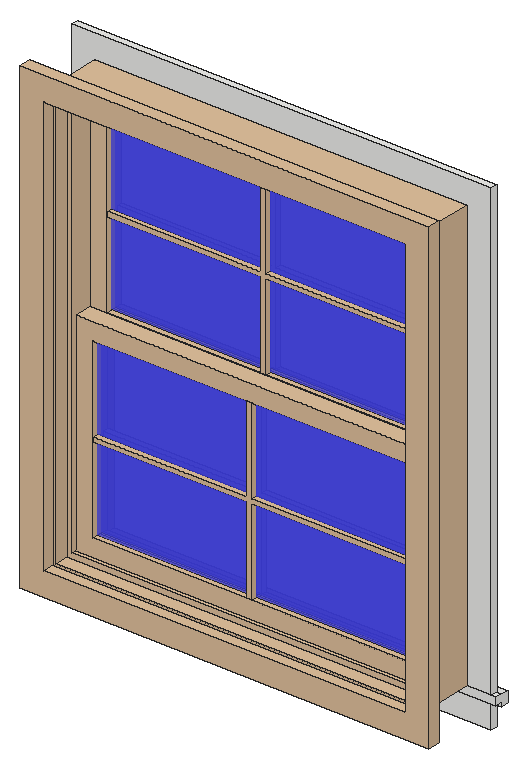
Revit family "M_Janela-Dupla-Suspensa", category Janelas, Revit 2019
Family settings
  Hospedeiro = Parede
  Número OmniClass = 23.30.20.17.17.14
  Título OmniClass = Double-Hung Windows
  Sempre na vertical = Sim
  Corte com vazios quando carregada = Não
  Compartilhado = Não
  Ponto de cálculo do ambiente = Não
Parameters (values of type "950 x 1100mm")
  Espessura da parede [instance] = 150 mm
  Janela aplicada [instance] = 0 mm
  Visual Light Transmittance = 0.81
  Visibilidade do montante superior = yes
  Resistência térmica (R) = 0.319569 (m²·K)/W
  Solar Heat Gain Coefficient = 0.76
  Largura do montante = Largura - 152.4 mm  # 797.6 mm
  Padrão do montante = M_Padrão do montante_2x2 : M_Padrão do montante_2x2
  Altura do montante = 0.5 * (Altura - 152.4 mm - 44.45 mm)  # 451.575 mm
  Fechamento da parede interior [instance] = 35.7 mm
  Material da apara interior = Madeira – Manchada
  Recorte interior = M_Moldura-janela-interior-plana : Quadro
  Largura bruta = Largura + 15 mm  # 965 mm
  Altura bruta = Altura + 15 mm  # 1115 mm
  Visibilidade do indicador [instance] = yes
  Extensão do quadro [instance] = if(Visibilidade da apara externa, Janela aplicada + 31.75 mm, 31.75 mm)  # 31.75 mm
  Classificação de incêndio = "0.5h"
  Fechamento da parede externa [instance] = 12.7 mm
  Material da apara externa = Revestimento – Branco
  Visibilidade do umbral da extensão [instance] = and(Visibilidade do recorte interior, Espessura da parede - Janela aplicada > 114.3 mm)  # yes
  Visibilidade do recorte interior [instance] = yes
  Visibilidade da apara externa [instance] = yes
  Apara externa = M_Recorte-Janela-Exterior-Plana : com peitoril
  Umbral da extensão [instance] = if(Espessura da parede - Janela aplicada > 114.3 mm, Espessura da parede - Janela aplicada - 114.3 mm, 25.4 mm)  # 35.7 mm
  ID do tipo de construção = "DG-DR"
  Coeficiente de transferência de calor (U) = 3.12929 W/(m²·K)
  Visibilidade do montante inferior = yes
  Código de montagem = "B2020100"
  Material do painel de vidro = Vidro
  Altura = 1100 mm
  Material da moldura exterior = Revestimento – Branco
  Material da moldura interior = Madeira – Manchada
  Fechamento da parede = Por hospedeiro
  Largura = 950 mm
  Construção analítica = "Vidraça dupla – residencial"
Reference planes
  plane 1 "Centro (Frente/Trás)": y = 0
  plane 2: z = 0
  plane 3 "Centro": x = 0
  plane 4 "Esquerda": x = -475
  plane 5 "Direita": x = 475
  plane 6 "Peitoril": z = 914.4
  plane 7 "Superior": z = 2014.4
  plane 8 "Face da parede": y = 75
  plane 9: y = -75
  plane 10 "Meio": z = 1464.4
  plane 11: z = 1982.65
  plane 12: z = 946.15
  plane 13: x = 443.25
  plane 14: x = -443.25
  plane 15: x = 398.8
  plane 16: x = -398.8
  plane 17: z = 990.6
  plane 18: z = 1938.2
  plane 19 "Fechamento da parede": y = -39.3
  plane 20: z = 1998.525
  plane 21 "Face do quadro": y = 94.05
  plane 22 "Caixilho 2": y = -26.6
  plane 23 "Face do caixilho 1": y = 62.3
  plane 24 "Inset Face": y = 75
  plane 25 "Caixilho 1": y = 17.85
  plane 26 "Vidro 1": y = 40.075
  plane 27: z = 1486.625
  plane 28: z = 1442.175
  plane 29 "Vidro 2": y = -4.375
  plane 30: y = -39.3
  plane 31: z = 1216.387
  plane 32: z = 1712.412
  plane 33: y = -39.3
  plane 34: y = 62.3
  plane 35: y = 94.05
Forms (mm)
  Extrusion 1, solid, material "Madeira – Manchada" <- "Material da moldura interior", visible <- "Visibilidade do umbral da extensão"
    sketch origin (0, -6.35, 0) x (-1, 0, 0) y (0, 0, 1)
      loop
        line (475, 2014.4) -> (-475, 2014.4) -> (-475, 914.4) -> (475, 914.4) -> (475, 2014.4)
      loop
        line (455.95, 1995.35) -> (-455.95, 1995.35) -> (-455.95, 933.45) -> (455.95, 933.45) -> (455.95, 1995.35)
    from -68.65 to -32.95
  Sweep 2, solid, material "Madeira – Manchada" <- "Material da moldura interior"
    path origin (0, 62.3, 0) x (-1, 0, 0) y (0, 0, 1)
      loop
        line (-475, 914.4) -> (475, 914.4) -> (475, 2014.4) -> (-475, 2014.4) -> (-475, 914.4)
    profile origin (475, 62.3, 1464.4) x (1, 0, 0) y (0, 1, 0)
      loop
        line (-31.75, 31.75) -> (-31.75, -101.6) -> (0, -101.6) -> (0, 31.75) -> (-31.75, 31.75)
  Sweep 3, solid, material "Madeira – Manchada" <- "Material da moldura interior"
    path origin (0, 62.3, 0) x (-1, 0, 0) y (0, 0, 1)
      loop
        line (-443.25, 1442.175) -> (443.25, 1442.175) -> (443.25, 1982.65) -> (-443.25, 1982.65) -> (-443.25, 1442.175)
    profile origin (443.25, 62.3, 1712.412) x (1, 0, 0) y (0, 1, 0)
      loop
        line (0, 0) -> (-44.45, 0) -> (-44.45, -44.45) -> (0, -44.45) -> (0, 0)
  Sweep 4, solid, material "Madeira – Manchada" <- "Material da moldura interior"
    path origin (0, 17.85, 0) x (-1, 0, 0) y (0, 0, 1)
      loop
        line (-443.25, 946.15) -> (443.25, 946.15) -> (443.25, 1486.625) -> (-443.25, 1486.625) -> (-443.25, 946.15)
    profile origin (443.25, 17.85, 1216.387) x (1, 0, 0) y (0, 1, 0)
      loop
        line (0, 0) -> (-44.45, 0) -> (-44.45, -44.45) -> (0, -44.45) -> (0, 0)
  Extrusion 5, solid, material "Vidro" <- "Material do painel de vidro"
    sketch origin (0, 0, 914.4) x (0, -1, 0) y (1, 0, 0)
      loop
        line (-49.6, -398.8) -> (-43.25, -398.8) -> (-43.25, 398.8) -> (-49.6, 398.8) -> (-49.6, -398.8)
      loop
        line (-36.9, 398.8) -> (-36.9, -398.8) -> (-30.55, -398.8) -> (-30.55, 398.8) -> (-36.9, 398.8)
    from 572.225 to 1023.8
  Extrusion 6, solid, material "Vidro" <- "Material do painel de vidro"
    sketch origin (0, 0, 0) x (1, 0, 0) y (0, 1, 0)
      loop
        line (-398.8, 5.15) -> (-398.8, -1.2) -> (398.8, -1.2) -> (398.8, 5.15) -> (-398.8, 5.15)
      loop
        line (398.8, -7.55) -> (-398.8, -7.55) -> (-398.8, -13.9) -> (398.8, -13.9) -> (398.8, -7.55)
    from 990.6 to 1442.175
Lines and regions (mm)
  Opening 1
    outline origin (-1524, -75, 0) x (1, 0, 0) y (0, 0, 1)
      loop
        line (1999, 2014.4) -> (1049, 2014.4) -> (1049, 914.4) -> (1999, 914.4) -> (1999, 2014.4)
  Split face 1
    outline origin (-398.8, -26.6, 990.6) x (1, 0, 0) y (0, 1, 0)
      loop
        line (0, 25.4) -> (797.6, 25.4)
  Split face 2
    outline origin (398.8, -26.6, 990.6) x (0, 0, 1) y (0, 1, 0)
      loop
        line (0, 25.4) -> (451.575, 25.4)
  Split face 3
    outline origin (-398.8, -26.6, 1442.175) x (0, 0, -1) y (0, 1, 0)
      loop
        line (451.575, 25.4) -> (0, 25.4)
  Split face 4
    outline origin (398.8, -26.6, 1442.175) x (0, 1, 0) y (-1, 0, 0)
      loop
        line (25.4, 0) -> (25.4, 797.6)
  Split face 5
    outline origin (-398.8, 17.85, 1486.625) x (1, 0, 0) y (0, 1, 0)
      loop
        line (797.6, 19.05) -> (0, 19.05)
  Split face 6
    outline origin (-398.8, 17.85, 1486.625) x (1, 0, 0) y (0, 1, 0)
      loop
        line (797.6, 25.4) -> (0, 25.4)
  Split face 7
    outline origin (398.8, 17.85, 1486.625) x (0, 0, 1) y (0, 1, 0)
      loop
        line (0, 25.4) -> (451.575, 25.4)
  Split face 8
    outline origin (-398.8, 17.85, 1938.2) x (0, 0, -1) y (0, 1, 0)
      loop
        line (451.575, 25.4) -> (0, 25.4)
  Split face 9
    outline origin (398.8, 17.85, 1938.2) x (0, 1, 0) y (-1, 0, 0)
      loop
        line (25.4, 0) -> (25.4, 797.6)
  Split face 10
    outline origin (-443.25, -39.3, 946.15) x (1, 0, 0) y (0, 1, 0)
      loop
        line (0, 57.15) -> (886.5, 57.15)
  Split face 11
    outline origin (443.25, -39.3, 946.15) x (0, 0, 1) y (0, 1, 0)
      loop
        line (1036.5, 101.6) -> (496.025, 101.6) -> (496.025, 57.15) -> (0, 57.15)
  Split face 12
    outline origin (-443.25, -39.3, 1982.65) x (0, 0, -1) y (0, 1, 0)
      loop
        line (0, 101.6) -> (540.475, 101.6) -> (540.475, 57.15) -> (1036.5, 57.15)
  Split face 13
    outline origin (443.25, -39.3, 1982.65) x (0, 1, 0) y (-1, 0, 0)
      loop
        line (101.6, 0) -> (101.6, 886.5)
Text (mm)
  text "EXTERIOR" at (-1490.695, 772.553, 0), in view "Nível de referência"
  text "INTERIOR" at (-1490.695, -719.509, 0), in view "Nível de referência"
  text "Exterior" at (0, 1108.87, 3415.022), in view "Esquerda"
  text "Exterior" at (0, 464.664, 3176.206), in view "Direita"
Dimensions and locks
  equal spacing: plane 4 "Esquerda", plane 3 "Centro", plane 5 "Direita"
  "Largura": plane 4 "Esquerda" to plane 5 "Direita"
  equal spacing: plane 6 "Peitoril", plane 10 "Meio", plane 7 "Superior"
  "Altura": plane 7 "Superior" to plane 6 "Peitoril"
  locked: plane 5 "Direita" to plane 13 at 31.75
  locked: plane 14 to plane 4 "Esquerda" at 31.75
  locked: plane 11 to plane 7 "Superior" at 31.75
  locked: plane 6 "Peitoril" to plane 12 at 31.75
  locked: plane 15 to plane 13 at 44.45
  locked: plane 14 to plane 16 at 44.45
  locked: plane 18 to plane 11 at 44.45
  locked: plane 12 to plane 17 at 44.45
  "Espessura da parede": host wall to host wall
  locked: plane 7 "Superior" to plane 20 at 15.875
  locked: plane 21 "Face do quadro" to plane 8 "Face da parede" at 19.05
  locked: plane 24 "Inset Face" to plane 23 "Face do caixilho 1" at 12.7
  "Janela aplicada": plane 8 "Face da parede" to plane 24 "Inset Face"
  locked: plane 23 "Face do caixilho 1" to plane 25 "Caixilho 1" at 44.45
  locked: plane 25 "Caixilho 1" to plane 22 "Caixilho 2" at 44.45
  equal spacing: plane 23 "Face do caixilho 1", plane 26 "Vidro 1", plane 25 "Caixilho 1"
  equal spacing: plane 28, plane 10 "Meio", plane 27
  locked: plane 28 to plane 27 at 44.45
  locked: Extrusion 5 sketch curve to Extrusion 5 sketch curve at 6.35  (x3)
  equal spacing: Extrusion 5 sketch curve, plane 26 "Vidro 1", Extrusion 5 sketch curve
  equal spacing: plane 25 "Caixilho 1", plane 29 "Vidro 2", plane 22 "Caixilho 2"
  locked: Extrusion 6 sketch curve to Extrusion 6 sketch curve at 6.35  (x3)
  equal spacing: Extrusion 6 sketch curve, plane 29 "Vidro 2", Extrusion 6 sketch curve
  locked: plane 22 "Caixilho 2" to plane 30 at 12.7
  "Umbral da extensão": plane 19 "Fechamento da parede" to host wall
  locked: Extrusion 1 sketch curve to plane 5 "Direita" at 19.05
  locked: Extrusion 1 sketch curve to plane 7 "Superior" at 19.05
  locked: plane 4 "Esquerda" to Extrusion 1 sketch curve at 19.05
  locked: plane 6 "Peitoril" to Extrusion 1 sketch curve at 19.05
  equal spacing: plane 27, plane 32, plane 18
  equal spacing: plane 17, plane 31, plane 28
  nested 2 to Extrusion 1 = 57.15 mm
  "Fechamento da parede interior": plane 33 to plane 9
  "Fechamento da parede externa": plane 8 "Face da parede" to plane 34
  "Extensão do quadro": plane 35 to plane 23 "Face do caixilho 1"
  aligned and locked: plane 9 to host wall
  aligned and locked: host wall to plane 8 "Face da parede"
  aligned and locked: Opening 1 sketch curve to plane 4 "Esquerda"
  aligned and locked: plane 7 "Superior" to Opening 1 sketch curve
  aligned and locked: plane 5 "Direita" to Opening 1 sketch curve
  aligned and locked: Opening 1 sketch curve to plane 6 "Peitoril"
  aligned and locked: plane 7 "Superior" to Extrusion 1 sketch curve
  aligned and locked: Extrusion 1 sketch curve to plane 4 "Esquerda"
  aligned and locked: plane 5 "Direita" to Extrusion 1 sketch curve
  aligned and locked: Extrusion 1 sketch curve to plane 6 "Peitoril"
  aligned and locked: plane 19 "Fechamento da parede" to Extrusion 1
  aligned and locked: Sweep 2 sketch curve to host wall  (x3)
  aligned and locked: plane 5 "Direita" to Sweep 2 sketch curve
  aligned and locked: plane 13 to Sweep 2 sketch curve
  aligned and locked: Sweep 3 sketch curve to plane 13
  aligned and locked: plane 14 to Sweep 3 sketch curve
  aligned and locked: Sweep 3 sketch curve to plane 11
  aligned and locked: Sweep 3 sketch curve to plane 25 "Caixilho 1"
  aligned and locked: plane 28 to Sweep 3 sketch curve
  aligned and locked: Sweep 4 sketch curve to plane 27
  aligned and locked: Sweep 4 sketch curve to plane 13
  aligned and locked: plane 14 to Sweep 4 sketch curve
  aligned and locked: plane 12 to Sweep 4 sketch curve
  aligned and locked: profile plane to Sweep 4 sketch curve
  aligned and locked: Sweep 4 sketch curve to profile plane
  aligned and locked: Sweep 4 sketch curve to plane 22 "Caixilho 2"
  aligned and locked: plane 15 to Sweep 4 sketch curve
  aligned and locked: plane 18 to Extrusion 5
  aligned and locked: Extrusion 6 sketch curve to plane 16
  aligned and locked: plane 16 to Extrusion 6 sketch curve
  aligned and locked: plane 15 to Extrusion 6 sketch curve
  aligned and locked: Extrusion 6 sketch curve to plane 15
  aligned and locked: plane 17 to Extrusion 6
  aligned and locked: plane 28 to Extrusion 6
  aligned and locked: Split face 1 sketch curve to Extrusion 6
  aligned and locked: Split face 2 sketch curve to Extrusion 6
  aligned and locked: Split face 3 sketch curve to Extrusion 6
  aligned and locked: Split face 4 sketch curve to Extrusion 6
  aligned and locked: plane 15 to Sweep 3 sketch curve
  aligned and locked: Extrusion 5 to plane 27
  aligned and locked: Extrusion 5 sketch curve to plane 16
  aligned and locked: plane 16 to Extrusion 5 sketch curve
  aligned and locked: plane 15 to Extrusion 5 sketch curve
  aligned and locked: Extrusion 5 sketch curve to plane 15
  aligned and locked: Split face 6 sketch curve to Extrusion 5
  aligned and locked: Split face 7 sketch curve to Extrusion 5
  aligned and locked: Split face 8 sketch curve to Extrusion 5
  aligned and locked: Split face 9 sketch curve to Extrusion 5
  aligned and locked: Split face 10 sketch curve to plane 25 "Caixilho 1"
  aligned and locked: plane 30 to Sweep 2 sketch curve
  aligned and locked: Extrusion 1 to plane 9
  aligned and locked: plane 25 "Caixilho 1" to Split face 11 sketch curve
  aligned and locked: Split face 11 sketch curve to plane 28
  aligned and locked: plane 23 "Face do caixilho 1" to Split face 11 sketch curve
  aligned and locked: Split face 12 sketch curve to plane 25 "Caixilho 1"
  aligned and locked: plane 28 to Split face 12 sketch curve
  aligned and locked: Split face 12 sketch curve to plane 23 "Face do caixilho 1"
  aligned and locked: plane 23 "Face do caixilho 1" to Split face 13 sketch curve
  aligned and locked: nested 3 to plane 8 "Face da parede"
  aligned and locked: plane 3 "Centro" to nested 3
  aligned and locked: plane 31 to nested 4
  aligned and locked: plane 32 to nested 5
  aligned and locked: nested 3 to plane 7 "Superior"
  aligned and locked: plane 27 to nested 1
  aligned and locked: nested 2 to plane 17
  aligned and locked: plane 3 "Centro" to nested 5
  aligned and locked: nested 4 to plane 3 "Centro"
  aligned and locked: nested 2 to plane 29 "Vidro 2"
  aligned and locked: nested 1 to plane 26 "Vidro 1"
  aligned and locked: plane 28 to nested 2
  aligned and locked: plane 18 to nested 1
  aligned and locked: nested 1 to plane 16
  aligned and locked: nested 1 to plane 15
  aligned and locked: nested 2 to plane 15
  aligned and locked: nested 2 to plane 16
  aligned and locked: plane 7 "Superior" to nested 7
  aligned and locked: plane 3 "Centro" to nested 7
  aligned and locked: plane 7 "Superior" to nested 6
  aligned and locked: nested 6 to plane 3 "Centro"
  aligned and locked: Sweep 2 sketch curve to plane 35
Automatic sketch dimensions
  Split face 1 sketch curve to Sweep 4 = 0 mm  (x2)
  Split face 2 sketch curve to Sweep 4 = 0 mm
  Sweep 4 to Split face 2 sketch curve = 0 mm
  Sweep 4 to Split face 3 sketch curve = 0 mm
  Split face 3 sketch curve to Sweep 4 = 0 mm
  Split face 4 sketch curve to Sweep 4 = 0 mm  (x2)
  Sweep 3 sketch curve to profile plane = 0 mm
  Sweep 3 sketch curve to plane 23 "Face do caixilho 1" = 0 mm
  Split face 5 sketch curve to Sweep 3 = 0 mm  (x2)
  Split face 5 sketch curve to Sweep 3 = 19.05 mm
  Split face 6 sketch curve to Sweep 3 = 0 mm  (x2)
  Split face 7 sketch curve to Sweep 3 = 0 mm
  Sweep 3 to Split face 7 sketch curve = 0 mm
  Sweep 3 to Split face 8 sketch curve = 0 mm
  Split face 8 sketch curve to Sweep 3 = 0 mm
  Split face 9 sketch curve to Sweep 3 = 0 mm  (x2)
  Split face 10 sketch curve to Sweep 2 = 0 mm  (x2)
  Split face 11 sketch curve to Sweep 2 = 0 mm
  Sweep 2 to Split face 11 sketch curve = 0 mm
  Sweep 2 to Split face 12 sketch curve = 0 mm
  Split face 12 sketch curve to Sweep 2 = 0 mm
  Split face 13 sketch curve to Sweep 2 = 0 mm  (x2)
  Sweep 2 sketch curve to plane 7 "Superior" = 0 mm
Nested families
  nested 1: "M_Padrão do montante_2x2" at (0, 40.075, 1486.625), Material externo <- "Material da moldura exterior", Material interior <- "Material da moldura interior", type <- "Padrão do montante", visible <- "Visibilidade do montante superior", type "M_Padrão do montante_2x2"
    with Largura 797.6 mm, Material interior Madeira – Manchada, Altura 451.575 mm, Material externo Revestimento – Branco
  nested 2: "M_Padrão do montante_2x2" at (0, -4.375, 990.6), Material externo <- "Material da moldura exterior", Material interior <- "Material da moldura interior", type <- "Padrão do montante", visible <- "Visibilidade do montante inferior", type "M_Padrão do montante_2x2"
    with Largura 797.6 mm, Material interior Madeira – Manchada, Altura 451.575 mm, Material externo Revestimento – Branco
  nested 3: "M_Plano-Duplo-Suspenso" at (0, 75, 914.4), Janela aplicada <- "Janela aplicada", Largura <- "Largura", Espessura da parede <- "Espessura da parede", Altura <- "Altura", type "M_Plano-Duplo-Suspenso"
    with Janela aplicada de 3D 12.7 mm, Janela aplicada 0 mm, Largura 950 mm, Espessura da parede 150 mm, Altura 1100 mm
  nested 4: "M_Seta preenchida" at (0, 17.85, 1216.387) x (0, 0, 1) z (0, 1, 0), visible <- "Visibilidade do indicador", type "M_Seta preenchida"
  nested 5: "M_Seta preenchida" at (0, 17.85, 1712.412) x (0, 0, -1) z (0, 1, 0), visible <- "Visibilidade do indicador", type "M_Seta preenchida"
  nested 6: "M_Recorte-Janela-Exterior-Plana" at (0, 75, 2014.4) x (-1, 0, 0) z (0, 1, 0), visible <- "Visibilidade da apara externa", Material da apara <- "Material da apara externa", Largura da abertura <- "Largura", Altura da abertura <- "Altura", type <- "Apara externa", type "com peitoril"
    with Material da apara Revestimento – Branco, Largura da abertura 950 mm, Altura da abertura 1100 mm
  nested 7: "M_Moldura-janela-interior-plana" at (0, -75, 2014.4) x (1, 0, 0) z (0, -1, 0), visible <- "Visibilidade do recorte interior", Material da apara <- "Material da apara interior", Largura da abertura <- "Largura", Altura da abertura <- "Altura", type <- "Recorte interior", type "Quadro"
    with Material da apara Madeira – Manchada, Largura da abertura 950 mm, Altura da abertura 1100 mm
Definition of nested family "M_Padrão do montante_2x2"
  Parameters (values of type "M_Padrão do montante_2x2")
    Largura [instance] = 1200 mm
    Espessura = 12.7 mm
    Altura [instance] = 1200 mm
    Material interior [instance] = none
    Material externo [instance] = none
    Distância = 19.05 mm
  Reference planes
    plane 1 "Centro (Frente/Trás)": y = 0
    plane 2: z = 0
    plane 3 "Centro (Esquerda/Direita)": x = 0
    plane 4: z = 1200
    plane 5: x = -600
    plane 6: x = 600
    plane 7: z = 600
    plane 8: y = 9.525
    plane 9: y = 22.225
    plane 10: y = -9.525
    plane 11: y = -22.225
  Forms (mm)
    Extrusion 1, solid, material <- "Material interior", detail levels fine
      sketch origin (0, 0, 0) x (1, 0, 0) y (0, 0, 1)
        loop
          line (-600, 606.35) -> (-600, 593.65) -> (-6.35, 593.65) -> (-6.35, 0) -> (6.35, 0) -> (6.35, 593.65) -> (600, 593.65) -> (600, 606.35) -> (6.35, 606.35) -> (6.35, 1200) -> (-6.35, 1200) -> (-6.35, 606.35) -> (-600, 606.35)
      from 9.525 to 22.225
    Extrusion 2, solid, material <- "Material externo", detail levels fine
      sketch origin (0, 0, 0) x (1, 0, 0) y (0, 0, -1)
        loop
          line (-600, -606.35) -> (-6.35, -606.35) -> (-6.35, -1200) -> (6.35, -1200) -> (6.35, -606.35) -> (600, -606.35) -> (600, -593.65) -> (6.35, -593.65) -> (6.35, 0) -> (-6.35, 0) -> (-6.35, -593.65) -> (-600, -593.65) -> (-600, -606.35)
      from 9.525 to 22.225
  Lines and regions (mm)
    model lines, detail levels medium
      curve 1: line (0, 9.525, 1200) -> (0, 9.525, 0)
      curve 2: line (-600, -9.525, 600) -> (600, -9.525, 600)
      curve 3: line (-600, 9.525, 600) -> (600, 9.525, 600)
      curve 4: line (0, -9.525, 1200) -> (0, -9.525, 0)
  Dimensions and locks
    equal spacing: plane 6, plane 3 "Centro (Esquerda/Direita)", plane 5
    "Largura": plane 6 to plane 5
    "Altura": plane 4 to plane 2
    equal spacing: plane 4, plane 7, plane 2
    locked: plane 3 "Centro (Esquerda/Direita)" to Extrusion 1 sketch curve at 6.35  (x4)
    locked: Extrusion 1 sketch curve to plane 7 at 6.35  (x2)
    locked: plane 7 to Extrusion 1 sketch curve at 6.35  (x2)
    "Espessura": plane 9 to plane 8
    "Espessura": plane 10 to plane 11
    "Distância": plane 8 to plane 10
    equal spacing: plane 8, plane 1 "Centro (Frente/Trás)", plane 10
    aligned and locked: plane 2 to level
    aligned and locked: plane 4 to curve 1
    aligned and locked: plane 5 to curve 2
    aligned and locked: plane 2 to curve 1
    aligned and locked: plane 6 to curve 2
    aligned and locked: Extrusion 1 sketch curve to plane 4
    aligned and locked: Extrusion 1 sketch curve to plane 6
    aligned and locked: Extrusion 1 sketch curve to plane 5
    aligned and locked: Extrusion 1 sketch curve to level
    aligned and locked: Extrusion 1 to plane 11
    aligned and locked: plane 10 to Extrusion 1
    aligned and locked: Extrusion 2 to plane 5
    aligned and locked: plane 6 to Extrusion 2
    aligned and locked: Extrusion 2 to plane 8
    aligned and locked: plane 9 to Extrusion 2
    aligned and locked: Extrusion 2 to plane 2
    aligned and locked: plane 4 to Extrusion 2
    aligned and locked: plane 5 to curve 3
    aligned and locked: plane 6 to curve 3
    aligned and locked: plane 4 to curve 4
    aligned and locked: plane 2 to curve 4
    aligned and locked: plane 8 to curve 3
  Automatic sketch dimensions
    curve 2 to plane 7 = 0 mm
    Extrusion 2 sketch curve to plane 5 = 0 mm
    Extrusion 2 sketch curve to level = 0 mm
    Extrusion 2 sketch curve to plane 4 = 0 mm
    Extrusion 2 sketch curve to plane 6 = 0 mm
    Extrusion 2 sketch curve to plane 3 "Centro (Esquerda/Direita)" = 6.35 mm  (x2)
    plane 3 "Centro (Esquerda/Direita)" to Extrusion 2 sketch curve = 6.35 mm  (x2)
    plane 7 to Extrusion 2 sketch curve = 6.35 mm  (x2)
    Extrusion 2 sketch curve to plane 7 = 6.35 mm  (x2)
    curve 4 to plane 3 "Centro (Esquerda/Direita)" = 0 mm
    curve 4 to level = 0 mm
    curve 4 to plane 4 = 0 mm
    curve 3 to plane 6 = 0 mm
    curve 1 to plane 3 "Centro (Esquerda/Direita)" = 0 mm
    curve 3 to plane 5 = 0 mm
    curve 3 to plane 7 = 0 mm
Definition of nested family "M_Recorte-Janela-Exterior-Plana"
  Parameters (values of type "com peitoril")
    Largura da apara = 60 mm
    Espessura da apara_Quadro = 30 mm
    Espessura da apara_com peitoril = 19.05 mm
    Material da apara [instance] = none
    Espessura do peitoril = 30 mm
    Peitoril = yes
    Quadro = no
    Largura da abertura [instance] = 600 mm
    Altura da abertura [instance] = 900 mm
    Default Elevation = 1200 mm
  Types (2, lengths in mm): name | Peitoril | Quadro
    com peitoril | yes | no
    Quadro | no | yes
  Reference planes
    plane 1 "Centro (Frente/Trás)": y = 0
    plane 2: z = 0
    plane 3 "Centro (Esquerda/Direita)": x = 0
    plane 4: y = 60
    plane 5 "Esquerda": x = -300
    plane 6 "Direita": x = 300
    plane 7 "Inferior": y = -900
    plane 8: y = -930
    plane 9: y = -980.432
    plane 10: x = 360
    plane 11: x = -360
    plane 12: z = 19.05
    plane 13: z = 30
    plane 14: x = 372.7
    plane 15: x = -372.7
    plane 16: y = -920.432
    plane 17: y = -960
    plane 18: z = 12.7
    plane 19: y = -450
    plane 20: z = 38.1
  Forms (mm)
    Extrusion 1, solid
      sketch origin (0, 0, 0) x (1, 0, 0) y (0, 1, 0)
        loop
          line (-361.95, 57.15) -> (-361.95, -993.732) -> (361.95, -993.732) -> (361.95, 57.15) -> (-361.95, 57.15)
      from 0 to -304.8
    Extrusion 2, solid, material <- "Material da apara", visible <- "Peitoril"
      sketch origin (0, 0, 0) x (1, 0, 0) y (0, 1, 0)
        loop
          line (-360, -900) -> (-300, -900) -> (-300, 0) -> (300, 0) -> (300, -900) -> (360, -900) -> (360, 60) -> (-360, 60) -> (-360, -900)
      from 0 to 19.05
    Extrusion 3, solid, material <- "Material da apara", visible <- "Peitoril"
      sketch origin (0, 0, 0) x (0, 1, 0) y (0, 0, 1)
        loop
          line (-902.458, 38.1) -> (-930, 38.1) -> (-930, 19.05) -> (-920.432, 19.05) -> (-920.432, 0) -> (-900, 0) -> (-900, 19.05) -> (-902.458, 38.1)
      from -372.7 to 372.7
    Extrusion 4, solid, material <- "Material da apara", visible <- "Peitoril"
      sketch origin (0, 0, 0) x (1, 0, 0) y (0, 1, 0)
        loop
          line (-360, -920.432) -> (-360, -980.432) -> (360, -980.432) -> (360, -920.432) -> (-360, -920.432)
      from 0 to 19.05
    Extrusion 5, solid, material <- "Material da apara", visible <- "Quadro"
      sketch origin (0, 0, 0) x (1, 0, 0) y (0, 1, 0)
        loop
          line (-300, 0) -> (-300, -900) -> (300, -900) -> (300, 0) -> (-300, 0)
        loop
          line (-360, 60) -> (-360, -960) -> (360, -960) -> (360, 60) -> (-360, 60)
      from 0 to 30
  Dimensions and locks
    equal spacing: plane 5 "Esquerda", plane 3 "Centro (Esquerda/Direita)", plane 6 "Direita"
    "Largura da abertura": plane 5 "Esquerda" to plane 6 "Direita"
    "Altura da abertura": plane 7 "Inferior" to plane 1 "Centro (Frente/Trás)"
    "Espessura do peitoril": plane 7 "Inferior" to plane 8
    "Largura da apara": plane 11 to plane 5 "Esquerda"
    "Largura da apara": plane 6 "Direita" to plane 10
    "Largura da apara": plane 1 "Centro (Frente/Trás)" to plane 4
    locked: plane 15 to plane 11 at 12.7
    locked: plane 10 to plane 14 at 12.7
    locked: plane 16 to plane 8 at 9.568
    "Largura da apara": plane 9 to plane 16
    "Largura da apara": plane 17 to plane 7 "Inferior"
    locked: plane 18 to plane 2 at 12.7
    equal spacing: plane 7 "Inferior", plane 19, plane 1 "Centro (Frente/Trás)"
    locked: plane 20 to plane 12 at 19.05
    "Espessura da apara_com peitoril": plane 12 to plane 2
    "Espessura da apara_Quadro": plane 13 to plane 2
    aligned and locked: plane 2 to Extrusion 1
    aligned and locked: level to Extrusion 1
    aligned and locked: Extrusion 2 sketch curve to plane 5 "Esquerda"
    aligned and locked: Extrusion 2 sketch curve to plane 11
    aligned and locked: plane 7 "Inferior" to Extrusion 2 sketch curve  (x2)
    aligned and locked: plane 1 "Centro (Frente/Trás)" to Extrusion 2 sketch curve
    aligned and locked: plane 10 to Extrusion 2 sketch curve
    aligned and locked: Extrusion 2 sketch curve to plane 6 "Direita"
    aligned and locked: plane 12 to Extrusion 2
    aligned and locked: Extrusion 3 sketch curve to level
    aligned and locked: plane 7 "Inferior" to Extrusion 3 sketch curve
    aligned and locked: Extrusion 3 sketch curve to plane 8
    aligned and locked: plane 15 to Extrusion 3
    aligned and locked: Extrusion 3 to plane 14
    aligned and locked: plane 10 to Extrusion 4 sketch curve
    aligned and locked: Extrusion 4 sketch curve to plane 11
    aligned and locked: plane 16 to Extrusion 4 sketch curve
    aligned and locked: plane 9 to Extrusion 4 sketch curve
    aligned and locked: Extrusion 4 to Extrusion 2
    aligned and locked: Extrusion 2 sketch curve to plane 4
    aligned and locked: plane 1 "Centro (Frente/Trás)" to Extrusion 5 sketch curve
    aligned and locked: Extrusion 5 sketch curve to plane 4
    aligned and locked: Extrusion 5 sketch curve to plane 17
    aligned and locked: plane 7 "Inferior" to Extrusion 5 sketch curve
    aligned and locked: Extrusion 5 sketch curve to plane 6 "Direita"
    aligned and locked: plane 10 to Extrusion 5 sketch curve
    aligned and locked: Extrusion 5 sketch curve to plane 5 "Esquerda"
    aligned and locked: Extrusion 5 sketch curve to plane 11
    aligned and locked: plane 13 to Extrusion 5
    aligned and locked: plane 20 to Extrusion 3
  Automatic sketch dimensions
    Extrusion 1 sketch curve to Extrusion 1 sketch curve = 723.9 mm
    Extrusion 1 sketch curve to Extrusion 1 sketch curve = 1050.882 mm
    Extrusion 3 sketch curve to plane 16 = 0 mm
    Extrusion 3 sketch curve to plane 12 = 0 mm  (x2)
    Extrusion 3 sketch curve to plane 7 "Inferior" = 2.458 mm
    plane 13 to Extrusion 3 sketch curve = 8.1 mm
Definition of nested family "M_Moldura-janela-interior-plana"
  Parameters (values of type "com peitoril")
    Espessura da apara_Quadro = 30 mm
    Largura da apara = 60 mm
    Espessura da apara_com peitoril = 20 mm
    Material da apara [instance] = none
    Espessura do peitoril = 30 mm
    Peitoril = yes
    Quadro = no
    Largura da abertura [instance] = 600 mm
    Altura da abertura [instance] = 900 mm
    Default Elevation = 1200 mm
  Types (2, lengths in mm): name | Peitoril | Quadro
    com peitoril | yes | no
    Quadro | no | yes
  Reference planes
    plane 1 "Centro (Frente/Trás)": y = 0
    plane 2: z = 0
    plane 3 "Centro (Esquerda/Direita)": x = 0
    plane 4: y = 47.3
    plane 5 "Esquerda": x = -300
    plane 6 "Direita": x = 300
    plane 7 "Inferior": y = -900
    plane 8: y = -930
    plane 9: y = -980.432
    plane 10: x = 347.3
    plane 11: x = -347.3
    plane 12: z = 20
    plane 13: z = 30
    plane 14: x = 360
    plane 15: x = -360
    plane 16: y = -920.432
    plane 17: y = -947.3
    plane 18: z = 12.7
    plane 19: x = -287.3
    plane 20: y = -12.7
    plane 21: x = 287.3
    plane 22: y = -887.3
    plane 23: x = -334.6
    plane 24: x = 334.6
    plane 25: y = -450
  Forms (mm)
    Extrusion 1, solid
      sketch origin (0, 0, 0) x (1, 0, 0) y (0, 1, 0)
        loop
          line (-349.25, 44.45) -> (-349.25, -958.85) -> (349.25, -958.85) -> (349.25, 44.45) -> (-349.25, 44.45)
      from 0 to -304.8
    Extrusion 2, solid, material <- "Material da apara", visible <- "Peitoril"
      sketch origin (0, 0, 0) x (1, 0, 0) y (0, 1, 0)
        loop
          line (-334.6, -900) -> (-287.3, -900) -> (-287.3, 0) -> (287.3, 0) -> (287.3, -900) -> (334.6, -900) -> (334.6, 47.3) -> (-334.6, 47.3) -> (-334.6, -900)
      from 0 to 20
    Extrusion 3, solid, material <- "Material da apara", visible <- "Peitoril"
      sketch origin (0, 0, 0) x (0, 1, 0) y (0, 0, 1)
        loop
          line (-912.7, 39.05) -> (-920.432, 39.05) -> (-920.432, 0) -> (-900, 0) -> (-900, 26.35)
          arc (-900, 26.35) -> (-903.72, 35.33) -> (-912.7, 39.05) r 12.7
      from -347.3 to 347.3
    Extrusion 4, solid, material <- "Material da apara", visible <- "Peitoril"
      sketch origin (0, 0, 0) x (1, 0, 0) y (0, 1, 0)
        loop
          line (-334.6, -920.432) -> (-334.6, -980.432) -> (334.6, -980.432) -> (334.6, -920.432) -> (-334.6, -920.432)
      from 0 to 20
    Extrusion 5, solid, material <- "Material da apara", visible <- "Quadro"
      sketch origin (0, 0, 0) x (1, 0, 0) y (0, 1, 0)
        loop
          line (-287.3, -12.7) -> (-287.3, -887.3) -> (287.3, -887.3) -> (287.3, -12.7) -> (-287.3, -12.7)
        loop
          line (-347.3, 47.3) -> (-347.3, -947.3) -> (347.3, -947.3) -> (347.3, 47.3) -> (-347.3, 47.3)
      from 0 to 30
  Dimensions and locks
    equal spacing: plane 5 "Esquerda", plane 3 "Centro (Esquerda/Direita)", plane 6 "Direita"
    "Largura da abertura": plane 5 "Esquerda" to plane 6 "Direita"
    "Altura da abertura": plane 7 "Inferior" to plane 1 "Centro (Frente/Trás)"
    "Espessura do peitoril": plane 7 "Inferior" to plane 8
    "Largura da apara": plane 11 to plane 19
    "Largura da apara": plane 21 to plane 10
    "Largura da apara": plane 20 to plane 4
    "Espessura da apara_com peitoril": plane 12 to plane 2
    locked: plane 15 to plane 11 at 12.7
    locked: plane 10 to plane 14 at 12.7
    locked: plane 16 to plane 8 at 9.568
    "Largura da apara": plane 9 to plane 16
    "Largura da apara": plane 17 to plane 22
    plane 20 to plane 1 "Centro (Frente/Trás)" = 12.7 mm
    plane 5 "Esquerda" to plane 19 = 12.7 mm
    plane 21 to plane 6 "Direita" = 12.7 mm
    plane 22 to plane 7 "Inferior" = 12.7 mm
    locked: plane 11 to plane 23 at 12.7
    locked: plane 24 to plane 10 at 12.7
    equal spacing: plane 7 "Inferior", plane 25, plane 1 "Centro (Frente/Trás)"
    "Espessura da apara_Quadro": plane 13 to plane 2
    locked: Extrusion 3 to plane 12 at 19.05
    locked: plane 12 to Extrusion 3 sketch curve at 19.05
    radius of Extrusion 3 sketch curve = 12.7 mm
    aligned and locked: plane 2 to Extrusion 1
    aligned and locked: level to Extrusion 1
    aligned and locked: plane 7 "Inferior" to Extrusion 2 sketch curve  (x2)
    aligned and locked: plane 1 "Centro (Frente/Trás)" to Extrusion 2 sketch curve
    aligned and locked: plane 12 to Extrusion 2
    aligned and locked: Extrusion 3 sketch curve to level
    aligned and locked: plane 7 "Inferior" to Extrusion 3 sketch curve
    aligned and locked: plane 16 to Extrusion 4 sketch curve
    aligned and locked: plane 9 to Extrusion 4 sketch curve
    aligned and locked: Extrusion 2 sketch curve to plane 4
    aligned and locked: Extrusion 5 sketch curve to plane 4
    aligned and locked: Extrusion 5 sketch curve to plane 17
    aligned and locked: plane 10 to Extrusion 5 sketch curve
    aligned and locked: Extrusion 5 sketch curve to plane 11
    aligned and locked: plane 13 to Extrusion 5
    aligned and locked: Extrusion 5 sketch curve to plane 20
    aligned and locked: Extrusion 5 sketch curve to plane 19
    aligned and locked: Extrusion 5 sketch curve to plane 21
    aligned and locked: plane 22 to Extrusion 5 sketch curve
    aligned and locked: Extrusion 4 to plane 24
    aligned and locked: plane 11 to Extrusion 3
    aligned and locked: Extrusion 3 to plane 10
    aligned and locked: Extrusion 2 sketch curve to plane 21
    aligned and locked: Extrusion 2 sketch curve to plane 24
    aligned and locked: Extrusion 2 sketch curve to plane 19
    aligned and locked: Extrusion 2 sketch curve to plane 23
    aligned and locked: plane 12 to Extrusion 4
  Automatic sketch dimensions
    Extrusion 1 sketch curve to Extrusion 1 sketch curve = 698.5 mm
    Extrusion 1 sketch curve to Extrusion 1 sketch curve = 1003.3 mm
    Extrusion 3 sketch curve to plane 16 = 0 mm
    Extrusion 4 sketch curve to plane 11 = 12.7 mm
    Extrusion 4 sketch curve to plane 24 = 0 mm
Definition of nested family "M_Plano-Duplo-Suspenso"
  Parameters (values of type "M_Plano-Duplo-Suspenso")
    Janela aplicada [instance] = 0 mm
    Janela aplicada de 3D [instance] = if(Janela aplicada = 0 mm, 12.7 mm, if(Janela aplicada < Espessura da parede - 88.9 mm, Janela aplicada + 12.7 mm, Espessura da parede - 88.9 mm))  # 12.7 mm
    Width [instance] = 1200 mm
    Espessura da parede [instance] = 150 mm
    Height [instance] = 900 mm
    Default Elevation = 1200 mm
    Analytic Construction = "<Nenhum>"
  Reference planes
    plane 1 "Centro (Frente/Trás)": y = 0
    plane 2: z = 0
    plane 3 "Centro (Esquerda/Direita)": x = 0
    plane 4: x = -600
    plane 5: x = 600
    plane 6 "Umbral": y = -101.6
    plane 7: x = -568.25
    plane 8: y = -12.7
    plane 9: y = -57.15
    plane 10: y = -34.925
    plane 11: x = -523.8
    plane 12: x = 568.25
    plane 13: x = 523.8
    plane 14 "Janela aplicada": y = -25.4
    plane 15 "Parede": y = -150
    plane 16: z = 900
    plane 17: z = 868.25
    plane 18: z = 31.75
    plane 19: z = 823.8
    plane 20: z = 76.2
    plane 21: z = 450
    plane 22: z = 427.775
    plane 23: z = 472.225
    plane 24: y = -79.375
  Lines and regions (mm)
    Masking region 1
      outline origin (0, 19.05, 0) x (1, 0, 0) y (0, 1, 0)
        loop
          line (-600, -169.05) -> (600, -169.05) -> (600, -19.05) -> (-600, -19.05) -> (-600, -169.05)
    Masking region 2
      outline origin (0, 0, 0) x (0, 1, 0) y (0, 0, 1)
        loop
          line (-150, 900) -> (-150, 0) -> (0, 0) -> (0, 900) -> (-150, 900)
    symbolic lines
      curve 1: line (-568.25, -57.15, 0) -> (-523.8, -57.15, 0)
      curve 2: line (-568.25, -12.7, 0) -> (-568.25, -101.6, 0)
      curve 3: line (-600, -12.7, 0) -> (-523.8, -12.7, 0)
      curve 4: line (-523.8, -12.7, 0) -> (-523.8, -57.15, 0)
      curve 5: line (-523.8, -34.925, 0) -> (523.8, -34.925, 0)
      curve 6: line (568.25, -57.15, 0) -> (523.8, -57.15, 0)
      curve 7: line (568.25, -12.7, 0) -> (568.25, -101.6, 0)
      curve 8: line (523.8, -12.7, 0) -> (523.8, -57.15, 0)
      curve 9: line (-600, -101.6, 0) -> (-568.25, -101.6, 0)
      curve 10: line (568.25, -101.6, 0) -> (600, -101.6, 0)
      curve 11: line (0, -12.7, 868.25) -> (0, -101.6, 868.25)
      curve 12: line (0, -101.6, 0) -> (0, -101.6, 76.2)
      curve 13: line (0, -12.7, 31.75) -> (0, -101.6, 31.75)
      curve 14: line (0, -12.7, 900) -> (0, -12.7, 823.8)
      curve 15: line (0, -12.7, 823.8) -> (0, -57.15, 823.8)
      curve 16: line (0, -101.6, 76.2) -> (0, -57.15, 76.2)
      curve 17: line (0, -34.925, 472.225) -> (0, -34.925, 823.8)
      curve 18: line (0, -57.15, 868.25) -> (0, -57.15, 823.8)
      curve 19: line (523.8, -12.7, 0) -> (600, -12.7, 0)
      curve 20: line (0, -101.6, 868.25) -> (0, -101.6, 900)
      curve 21: line (0, -12.7, 31.75) -> (0, -12.7, 0)
      curve 22: line (0, -57.15, 76.2) -> (0, -57.15, 31.75)
      curve 23: line (0, -101.6, 472.225) -> (0, -12.7, 472.225)
      curve 24: line (0, -101.6, 427.775) -> (0, -101.6, 472.225)
      curve 25: line (0, -12.7, 427.775) -> (0, -101.6, 427.775)
      curve 26: line (0, -12.7, 472.225) -> (0, -12.7, 427.775)
      curve 27: line (0, -57.15, 472.225) -> (0, -57.15, 427.775)
      curve 28: line (0, -79.375, 427.775) -> (0, -79.375, 76.2)
      curve 29: line (-523.8, -12.7, 0) -> (523.8, -12.7, 0)
      curve 30: line (-568.25, -101.6, 0) -> (568.25, -101.6, 0)
      curve 31: line (0, -12.7, 823.8) -> (0, -12.7, 472.225)
      curve 32: line (0, -101.6, 868.25) -> (0, -101.6, 472.225)
      curve 33: line (0, -101.6, 427.775) -> (0, -101.6, 76.2)
      curve 34: line (0, -12.7, 427.775) -> (0, -12.7, 31.75)
  Dimensions and locks
    "Width": plane 4 to plane 5
    equal spacing: plane 4, plane 3 "Centro (Esquerda/Direita)", plane 5
    locked: plane 4 to plane 7 at 31.75
    equal spacing: plane 8, plane 10, plane 9
    locked: plane 5 to plane 12 at 31.75
    locked: plane 8 to plane 14 "Janela aplicada" at 12.7
    locked: plane 8 to plane 9 at 44.45
    "Espessura da parede": plane 15 "Parede" to plane 1 "Centro (Frente/Trás)"
    "Height": plane 16 to plane 2
    locked: plane 16 to plane 17 at 31.75
    locked: plane 18 to plane 2 at 31.75
    locked: plane 9 to plane 6 "Umbral" at 44.45
    "Janela aplicada de 3D": plane 8 to plane 1 "Centro (Frente/Trás)"
    locked: plane 7 to plane 11 at 44.45
    locked: plane 13 to plane 12 at 44.45
    locked: plane 17 to plane 19 at 44.45
    locked: plane 20 to plane 18 at 44.45
    equal spacing: plane 19, plane 21, plane 20
    equal spacing: plane 23, plane 21, plane 22
    locked: plane 23 to plane 22 at 44.45
    equal spacing: plane 6 "Umbral", plane 24, plane 9
    aligned and locked: plane 2 to level
    aligned and locked: curve 1 to plane 9
    aligned and locked: plane 4 to Masking region 1 sketch curve
    aligned and locked: Masking region 1 sketch curve to plane 5
    aligned and locked: Masking region 1 sketch curve to plane 15 "Parede"
    aligned and locked: curve 9 to plane 6 "Umbral"
    aligned and locked: curve 10 to plane 6 "Umbral"
    aligned and locked: plane 1 "Centro (Frente/Trás)" to Masking region 1 sketch curve
    aligned and locked: Masking region 2 sketch curve to plane 16
    aligned and locked: plane 15 "Parede" to Masking region 2 sketch curve
    aligned and locked: level to Masking region 2 sketch curve
    aligned and locked: plane 6 "Umbral" to curve 12
    aligned and locked: plane 17 to curve 11
    aligned and locked: plane 18 to curve 13
    aligned and locked: curve 14 to plane 8
    aligned and locked: plane 19 to curve 15
    aligned and locked: curve 16 to plane 20
    aligned and locked: plane 10 to curve 17
    aligned and locked: plane 4 to curve 3
    aligned and locked: plane 5 to curve 19
    aligned and locked: plane 16 to curve 14
    aligned and locked: plane 8 to curve 11
    aligned and locked: plane 8 to curve 13
    aligned and locked: plane 2 to curve 21
    aligned and locked: plane 8 to curve 2
    aligned and locked: plane 8 to curve 7
    aligned and locked: curve 18 to plane 9
    aligned and locked: plane 17 to curve 18
    aligned and locked: plane 19 to curve 18
    aligned and locked: plane 2 to curve 12
    aligned and locked: curve 19 to plane 8
    aligned and locked: curve 3 to plane 8
    aligned and locked: curve 4 to plane 11
    aligned and locked: plane 13 to curve 8
    aligned and locked: curve 5 to plane 10
    aligned and locked: plane 9 to curve 6
    aligned and locked: plane 6 "Umbral" to curve 20
    aligned and locked: curve 22 to plane 9
    aligned and locked: curve 23 to plane 23
    aligned and locked: plane 6 "Umbral" to curve 24
    aligned and locked: plane 22 to curve 25
    aligned and locked: curve 26 to plane 8
    aligned and locked: curve 27 to plane 9
    aligned and locked: plane 23 to curve 17
    aligned and locked: curve 28 to plane 24
  Automatic sketch dimensions
    Masking region 2 sketch curve to plane 1 "Centro (Frente/Trás)" = 0 mm
    curve 9 to plane 4 = 0 mm
    curve 2 to plane 7 = 0 mm
    curve 7 to plane 12 = 0 mm
    curve 10 to plane 5 = 0 mm
    curve 34 to plane 18 = 0 mm
    curve 20 to plane 16 = 0 mm
Definition of nested family "M_Seta preenchida"
  Parameters (values of type "M_Seta preenchida")
    D3 = 0 mm
    D2 = D1 / 6  # 33.333 mm
    D1 = 200 mm
  Reference planes
    plane 1 "Centro (Frente/Trás)": y = 0
    plane 2: z = 0
    plane 3 "Centro (Esquerda/Direita)": x = 0
    plane 4: y = 16.667
    plane 5: y = -16.667
    plane 6: x = -100
    plane 7: x = 100
    plane 8: through (203.336, -72.356, 1219.2) normal (-0.5736, -0.8192, 0)
    plane 9: through (203.336, 72.356, 1219.2) normal (0.5736, -0.8192, 0)
    plane 10: x = 33.333
  Lines and regions (mm)
    Filled region 1, type "Bloco de concreto", in view "Nível de referência"
      outline origin (0, 0, 0) x (1, 0, 0) y (0, 1, 0)
        loop
          line (-100, 16.667) -> (-100, -16.667) -> (33.333, -16.667) -> (33.333, -46.681) -> (100, 0) -> (33.333, 46.681) -> (33.333, 16.667) -> (-100, 16.667)
    detail lines, in view "Nível de referência"
      curve 1: line (-100, 16.667, 0) -> (33.333, 16.667, 0)
      curve 2: line (-100, 16.667, 0) -> (-100, -16.667, 0)
      curve 3: line (-100, -16.667, 0) -> (33.333, -16.667, 0)
      curve 4: line (100, 0, 0) -> (33.333, -46.681, 0)
      curve 5: line (100, 0, 0) -> (33.333, 46.681, 0)
      curve 6: line (33.333, -16.667, 0) -> (33.333, -46.681, 0)
      curve 7: line (33.333, 46.681, 0) -> (33.333, 16.667, 0)
  Dimensions and locks
    equal spacing: plane 6, plane 3 "Centro (Esquerda/Direita)", plane 7
    "D1": plane 6 to plane 7
    equal spacing: plane 4, plane 1 "Centro (Frente/Trás)", plane 5
    "D2": plane 4 to plane 5
    "D2": plane 3 "Centro (Esquerda/Direita)" to plane 10
    locked: plane 8 to plane 1 "Centro (Frente/Trás)" (angle 35.00°)
    locked: plane 1 "Centro (Frente/Trás)" to plane 9 (angle 35.00°)
    aligned and locked: curve 1 to plane 4
    aligned and locked: curve 2 to plane 6
    aligned and locked: curve 3 to plane 5
    aligned and locked: curve 4 to plane 9
    aligned and locked: curve 5 to plane 8
    aligned and locked: curve 6 to plane 10
    aligned and locked: curve 7 to plane 10
    aligned and locked: Filled region 1 sketch curve to curve 1
    aligned and locked: Filled region 1 sketch curve to curve 2
    aligned and locked: Filled region 1 sketch curve to curve 3
    aligned and locked: Filled region 1 sketch curve to curve 6
    aligned and locked: Filled region 1 sketch curve to curve 4
    aligned and locked: Filled region 1 sketch curve to curve 5
    aligned and locked: Filled region 1 sketch curve to curve 7
Types in the file's own list only (55): name | Transmissão de luz visual | Visibilidade do montante superior | Resistência térmica (R) | Coeficiente de ganho de calor solar | Largura do montante | Padrão do montante | Altura do montante | Largura bruta | Altura bruta | Coeficiente de transferência de calor (U) | Visibilidade do montante inferior | Altura | Largura
  450 x 800mm | 0.81 | Sim | 0.3196 (m²·K)/W | 0.76 | 298 mm | M_Padrão do montante_2x2 | 302 mm | 465 mm | 815 mm | 3.1293 W/(m²·K) | Sim | 800 mm | 450 mm
  450 x 900mm | 0.81 | Sim | 0.3196 (m²·K)/W | 0.76 | 298 mm | M_Padrão do montante_2x2 | 352 mm | 465 mm | 915 mm | 3.1293 W/(m²·K) | Sim | 900 mm | 450 mm
  450 x 1100mm | 0.81 | Sim | 0.3196 (m²·K)/W | 0.76 | 298 mm | M_Padrão do montante_2x2 | 452 mm | 465 mm | 1115 mm | 3.1293 W/(m²·K) | Sim | 1100 mm | 450 mm
  450 x 1200mm | 0.81 | Sim | 0.3196 (m²·K)/W | 0.76 | 298 mm | M_Padrão do montante_2x2 | 502 mm | 465 mm | 1215 mm | 3.1293 W/(m²·K) | Sim | 1200 mm | 450 mm
  450 x 1300mm | 0.81 | Sim | 0.3196 (m²·K)/W | 0.76 | 298 mm | M_Padrão do montante_2x2 | 552 mm | 465 mm | 1315 mm | 3.1293 W/(m²·K) | Sim | 1300 mm | 450 mm
  450 x 1400mm | 0.81 | Sim | 0.3196 (m²·K)/W | 0.76 | 298 mm | M_Padrão do montante_2x2 | 602 mm | 465 mm | 1415 mm | 3.1293 W/(m²·K) | Sim | 1400 mm | 450 mm
  450 x 1550mm | 0.81 | Sim | 0.3196 (m²·K)/W | 0.76 | 298 mm | M_Padrão do montante_2x2 | 677 mm | 465 mm | 1565 mm | 3.1293 W/(m²·K) | Sim | 1550 mm | 450 mm
  500 x 800mm | 0.81 | Sim | 0.3196 (m²·K)/W | 0.76 | 348 mm | M_Padrão do montante_2x2 | 302 mm | 515 mm | 815 mm | 3.1293 W/(m²·K) | Sim | 800 mm | 500 mm
  500 x 900mm | 0.81 | Sim | 0.3196 (m²·K)/W | 0.76 | 348 mm | M_Padrão do montante_2x2 | 352 mm | 515 mm | 915 mm | 3.1293 W/(m²·K) | Sim | 900 mm | 500 mm
  500 x 1100mm | 0.81 | Sim | 0.3196 (m²·K)/W | 0.76 | 348 mm | M_Padrão do montante_2x2 | 452 mm | 515 mm | 1115 mm | 3.1293 W/(m²·K) | Sim | 1100 mm | 500 mm
  500 x 1200mm | 0.81 | Sim | 0.3196 (m²·K)/W | 0.76 | 348 mm | M_Padrão do montante_2x2 | 502 mm | 515 mm | 1215 mm | 3.1293 W/(m²·K) | Sim | 1200 mm | 500 mm
  500 x 1300mm | 0.81 | Sim | 0.3196 (m²·K)/W | 0.76 | 348 mm | M_Padrão do montante_2x2 | 552 mm | 515 mm | 1315 mm | 3.1293 W/(m²·K) | Sim | 1300 mm | 500 mm
  500 x 1400mm | 0.81 | Sim | 0.3196 (m²·K)/W | 0.76 | 348 mm | M_Padrão do montante_2x2 | 602 mm | 515 mm | 1415 mm | 3.1293 W/(m²·K) | Sim | 1400 mm | 500 mm
  500 x 1550mm | 0.81 | Sim | 0.3196 (m²·K)/W | 0.76 | 348 mm | M_Padrão do montante_2x2 | 677 mm | 515 mm | 1565 mm | 3.1293 W/(m²·K) | Sim | 1550 mm | 500 mm
  600 x 800mm | 0.81 | Sim | 0.3196 (m²·K)/W | 0.76 | 448 mm | M_Padrão do montante_2x2 | 302 mm | 615 mm | 815 mm | 3.1293 W/(m²·K) | Sim | 800 mm | 600 mm
  600 x 900mm | 0.81 | Sim | 0.3196 (m²·K)/W | 0.76 | 448 mm | M_Padrão do montante_2x2 | 352 mm | 615 mm | 915 mm | 3.1293 W/(m²·K) | Sim | 900 mm | 600 mm
  600 x 1100mm | 0.81 | Sim | 0.3196 (m²·K)/W | 0.76 | 448 mm | M_Padrão do montante_2x2 | 452 mm | 615 mm | 1115 mm | 3.1293 W/(m²·K) | Sim | 1100 mm | 600 mm
  600 x 1200mm | 0.81 | Sim | 0.3196 (m²·K)/W | 0.76 | 448 mm | M_Padrão do montante_2x2 | 502 mm | 615 mm | 1215 mm | 3.1293 W/(m²·K) | Sim | 1200 mm | 600 mm
  600 x 1300mm | 0.81 | Sim | 0.3196 (m²·K)/W | 0.76 | 448 mm | M_Padrão do montante_2x2 | 552 mm | 615 mm | 1315 mm | 3.1293 W/(m²·K) | Sim | 1300 mm | 600 mm
  600 x 1400mm | 0.81 | Sim | 0.3196 (m²·K)/W | 0.76 | 448 mm | M_Padrão do montante_2x2 | 602 mm | 615 mm | 1415 mm | 3.1293 W/(m²·K) | Sim | 1400 mm | 600 mm
  600 x 1550mm | 0.81 | Sim | 0.3196 (m²·K)/W | 0.76 | 448 mm | M_Padrão do montante_2x2 | 677 mm | 615 mm | 1565 mm | 3.1293 W/(m²·K) | Sim | 1550 mm | 600 mm
  650 x 800mm | 0.81 | Sim | 0.3196 (m²·K)/W | 0.76 | 498 mm | M_Padrão do montante_2x2 | 302 mm | 665 mm | 815 mm | 3.1293 W/(m²·K) | Sim | 800 mm | 650 mm
  650 x 900mm | 0.81 | Sim | 0.3196 (m²·K)/W | 0.76 | 498 mm | M_Padrão do montante_2x2 | 352 mm | 665 mm | 915 mm | 3.1293 W/(m²·K) | Sim | 900 mm | 650 mm
  650 x 1100mm | 0.81 | Sim | 0.3196 (m²·K)/W | 0.76 | 498 mm | M_Padrão do montante_2x2 | 452 mm | 665 mm | 1115 mm | 3.1293 W/(m²·K) | Sim | 1100 mm | 650 mm
  650 x 1200mm | 0.81 | Sim | 0.3196 (m²·K)/W | 0.76 | 498 mm | M_Padrão do montante_2x2 | 502 mm | 665 mm | 1215 mm | 3.1293 W/(m²·K) | Sim | 1200 mm | 650 mm
  650 x 1300mm | 0.81 | Sim | 0.3196 (m²·K)/W | 0.76 | 498 mm | M_Padrão do montante_2x2 | 552 mm | 665 mm | 1315 mm | 3.1293 W/(m²·K) | Sim | 1300 mm | 650 mm
  650 x 1400mm | 0.81 | Sim | 0.3196 (m²·K)/W | 0.76 | 498 mm | M_Padrão do montante_2x2 | 602 mm | 665 mm | 1415 mm | 3.1293 W/(m²·K) | Sim | 1400 mm | 650 mm
  650 x 1550mm | 0.81 | Sim | 0.3196 (m²·K)/W | 0.76 | 498 mm | M_Padrão do montante_2x2 | 677 mm | 665 mm | 1565 mm | 3.1293 W/(m²·K) | Sim | 1550 mm | 650 mm
  700 x 800mm | 0.81 | Sim | 0.3196 (m²·K)/W | 0.76 | 548 mm | M_Padrão do montante_2x2 | 302 mm | 715 mm | 815 mm | 3.1293 W/(m²·K) | Sim | 800 mm | 700 mm
  700 x 900mm | 0.81 | Sim | 0.3196 (m²·K)/W | 0.76 | 548 mm | M_Padrão do montante_2x2 | 352 mm | 715 mm | 915 mm | 3.1293 W/(m²·K) | Sim | 900 mm | 700 mm
  700 x 1100mm | 0.81 | Sim | 0.3196 (m²·K)/W | 0.76 | 548 mm | M_Padrão do montante_2x2 | 452 mm | 715 mm | 1115 mm | 3.1293 W/(m²·K) | Sim | 1100 mm | 700 mm
  700 x 1200mm | 0.81 | Sim | 0.3196 (m²·K)/W | 0.76 | 548 mm | M_Padrão do montante_2x2 | 502 mm | 715 mm | 1215 mm | 3.1293 W/(m²·K) | Sim | 1200 mm | 700 mm
  700 x 1300mm | 0.81 | Sim | 0.3196 (m²·K)/W | 0.76 | 548 mm | M_Padrão do montante_2x2 | 552 mm | 715 mm | 1315 mm | 3.1293 W/(m²·K) | Sim | 1300 mm | 700 mm
  700 x 1400mm | 0.81 | Sim | 0.3196 (m²·K)/W | 0.76 | 548 mm | M_Padrão do montante_2x2 | 602 mm | 715 mm | 1415 mm | 3.1293 W/(m²·K) | Sim | 1400 mm | 700 mm
  700 x 1550mm | 0.81 | Sim | 0.3196 (m²·K)/W | 0.76 | 548 mm | M_Padrão do montante_2x2 | 677 mm | 715 mm | 1565 mm | 3.1293 W/(m²·K) | Sim | 1550 mm | 700 mm
  750 x 800mm | 0.81 | Sim | 0.3196 (m²·K)/W | 0.76 | 598 mm | M_Padrão do montante_2x2 | 302 mm | 765 mm | 815 mm | 3.1293 W/(m²·K) | Sim | 800 mm | 750 mm
  750 x 900mm | 0.81 | Sim | 0.3196 (m²·K)/W | 0.76 | 598 mm | M_Padrão do montante_2x2 | 352 mm | 765 mm | 915 mm | 3.1293 W/(m²·K) | Sim | 900 mm | 750 mm
  750 x 1100mm | 0.81 | Sim | 0.3196 (m²·K)/W | 0.76 | 598 mm | M_Padrão do montante_2x2 | 452 mm | 765 mm | 1115 mm | 3.1293 W/(m²·K) | Sim | 1100 mm | 750 mm
  750 x 1200mm | 0.81 | Sim | 0.3196 (m²·K)/W | 0.76 | 598 mm | M_Padrão do montante_2x2 | 502 mm | 765 mm | 1215 mm | 3.1293 W/(m²·K) | Sim | 1200 mm | 750 mm
  750 x 1300mm | 0.81 | Sim | 0.3196 (m²·K)/W | 0.76 | 598 mm | M_Padrão do montante_2x2 | 552 mm | 765 mm | 1315 mm | 3.1293 W/(m²·K) | Sim | 1300 mm | 750 mm
  750 x 1400mm | 0.81 | Sim | 0.3196 (m²·K)/W | 0.76 | 598 mm | M_Padrão do montante_2x2 | 602 mm | 765 mm | 1415 mm | 3.1293 W/(m²·K) | Sim | 1400 mm | 750 mm
  750 x 1550mm | 0.81 | Sim | 0.3196 (m²·K)/W | 0.76 | 598 mm | M_Padrão do montante_2x2 | 677 mm | 765 mm | 1565 mm | 3.1293 W/(m²·K) | Sim | 1550 mm | 750 mm
  850 x 800mm | 0.81 | Sim | 0.3196 (m²·K)/W | 0.76 | 698 mm | M_Padrão do montante_2x2 | 302 mm | 865 mm | 815 mm | 3.1293 W/(m²·K) | Sim | 800 mm | 850 mm
  850 x 900mm | 0.81 | Sim | 0.3196 (m²·K)/W | 0.76 | 698 mm | M_Padrão do montante_2x2 | 352 mm | 865 mm | 915 mm | 3.1293 W/(m²·K) | Sim | 900 mm | 850 mm
  850 x 1100mm | 0.81 | Sim | 0.3196 (m²·K)/W | 0.76 | 698 mm | M_Padrão do montante_2x2 | 452 mm | 865 mm | 1115 mm | 3.1293 W/(m²·K) | Sim | 1100 mm | 850 mm
  850 x 1200mm | 0.81 | Sim | 0.3196 (m²·K)/W | 0.76 | 698 mm | M_Padrão do montante_2x2 | 502 mm | 865 mm | 1215 mm | 3.1293 W/(m²·K) | Sim | 1200 mm | 850 mm
  850 x 1300mm | 0.81 | Sim | 0.3196 (m²·K)/W | 0.76 | 698 mm | M_Padrão do montante_2x2 | 552 mm | 865 mm | 1315 mm | 3.1293 W/(m²·K) | Sim | 1300 mm | 850 mm
  850 x 1400mm | 0.81 | Sim | 0.3196 (m²·K)/W | 0.76 | 698 mm | M_Padrão do montante_2x2 | 602 mm | 865 mm | 1415 mm | 3.1293 W/(m²·K) | Sim | 1400 mm | 850 mm
  850 x 1550mm | 0.81 | Sim | 0.3196 (m²·K)/W | 0.76 | 698 mm | M_Padrão do montante_2x2 | 677 mm | 865 mm | 1565 mm | 3.1293 W/(m²·K) | Sim | 1550 mm | 850 mm
  950 x 800mm | 0.81 | Sim | 0.3196 (m²·K)/W | 0.76 | 798 mm | M_Padrão do montante_2x2 | 302 mm | 965 mm | 815 mm | 3.1293 W/(m²·K) | Sim | 800 mm | 950 mm
  950 x 900mm | 0.81 | Sim | 0.3196 (m²·K)/W | 0.76 | 798 mm | M_Padrão do montante_2x2 | 352 mm | 965 mm | 915 mm | 3.1293 W/(m²·K) | Sim | 900 mm | 950 mm
  950 x 1200mm | 0.81 | Sim | 0.3196 (m²·K)/W | 0.76 | 798 mm | M_Padrão do montante_2x2 | 502 mm | 965 mm | 1215 mm | 3.1293 W/(m²·K) | Sim | 1200 mm | 950 mm
  950 x 1300mm | 0.81 | Sim | 0.3196 (m²·K)/W | 0.76 | 798 mm | M_Padrão do montante_2x2 | 552 mm | 965 mm | 1315 mm | 3.1293 W/(m²·K) | Sim | 1300 mm | 950 mm
  950 x 1400mm | 0.81 | Sim | 0.3196 (m²·K)/W | 0.76 | 798 mm | M_Padrão do montante_2x2 | 602 mm | 965 mm | 1415 mm | 3.1293 W/(m²·K) | Sim | 1400 mm | 950 mm
  950 x 1550mm | 0.81 | Sim | 0.3196 (m²·K)/W | 0.76 | 798 mm | M_Padrão do montante_2x2 | 677 mm | 965 mm | 1565 mm | 3.1293 W/(m²·K) | Sim | 1550 mm | 950 mm
